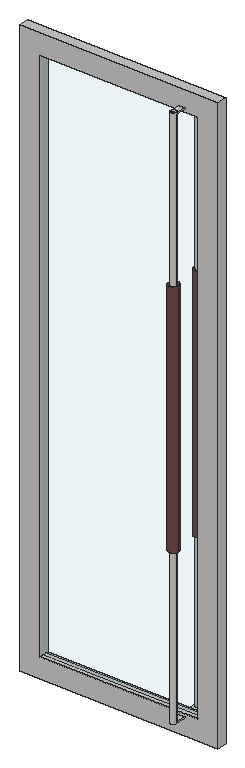
Revit family
Parameters
  프레임폭 = 100.00 mm
  프레임재질 = SSDW_1_스테인레스스틸
  프레임두께 = 50.00 mm
  유리재질 = Glass
  유리두께 = 17.00 mm
  Function = (empty or 0)
  Assembly Code = ""
Reference planes
  plane 1 "Center (Front/Back)": y = 0
  plane 2: z = 0
  plane 3 "Center (Left/Right)": x = -331.877
  plane 4: x = -831.877
  plane 5: x = 168.123
  plane 6 "Top": z = 2920
  plane 7: z = 1460
  plane 8: z = 2840
  plane 9: x = -11.877
  plane 10: z = 80
  plane 11 "AA": y = 80
  plane 12 "BB": y = -80
Forms (mm)
  Sweep 1, solid, material "SSDW_1_스테인레스스틸" <- "프레임재질"
    path origin (0, 0, 0) x (1, 0, 0) y (0, 0, 1)
      loop
        line (168.123, 2920) -> (-831.877, 2920) -> (-831.877, 0) -> (168.123, 0) -> (168.123, 2920)
    profile origin (-331.877, 0, 2920) x (0, 0, -1) y (0, -1, 0)
      loop
        line (0, -25) -> (100, -25) -> (100, 25) -> (0, 25) -> (0, -25)
  Extrusion 2, solid, material "Glass" <- "유리재질"
    sketch origin (0, 0, 0) x (1, 0, 0) y (0, 0, 1)
      loop
        line (68.123, 2820) -> (-731.877, 2820) -> (-731.877, 100) -> (68.123, 100) -> (68.123, 2820)
    from -8.5 to 8.5
  Revolve 3, solid, material "SSDW_1_스테인레스스틸" <- "프레임재질"
    sketch origin (0, 80, 0) x (1, 0, 0) y (0, 0, 1)
      loop
        line (-11.877, 2840) -> (-11.877, 80) -> (3.123, 80) -> (3.123, 2840) -> (-11.877, 2840)
      axis (-11.877, 2840) -> (-11.877, 80)
    angle from 0 to 360
  Extrusion 4, solid, material "SSDW_1_스테인레스스틸" <- "프레임재질"
    sketch origin (0, 80, 0) x (1, 0, 0) y (0, 0, 1)
      loop
        line (3.123, 2840) -> (-26.877, 2840) -> (-26.877, 2835) -> (3.123, 2835) -> (3.123, 2840)
      loop
        line (3.123, 80) -> (3.123, 85) -> (-26.877, 85) -> (-26.877, 80) -> (3.123, 80)
    from 0 to 80
  Revolve 5, solid, material "WOOD_HANDLE"
    sketch origin (0, 80, 0) x (1, 0, 0) y (0, 0, 1)
      loop
        line (-11.877, 2060) -> (-11.877, 860) -> (13.123, 860) -> (13.123, 2060) -> (-11.877, 2060)
      axis (-11.877, 2060) -> (-11.877, 860)
    angle from 0 to 360
  Revolve 6, solid, material "SSDW_1_스테인레스스틸" <- "프레임재질", not visible
    sketch origin (0, 80, 0) x (1, 0, 0) y (0, 0, 1)
      loop
        line (-11.877, 2520) -> (-11.877, 80) -> (3.123, 80) -> (3.123, 2520) -> (-11.877, 2520)
      axis (-11.877, 2520) -> (-11.877, 80)
    angle from 0 to 360
  Extrusion 7, solid, material "SSDW_1_스테인레스스틸" <- "프레임재질", not visible
    sketch origin (0, 80, 0) x (1, 0, 0) y (0, 0, 1)
      loop
        line (3.123, 2520) -> (-26.877, 2520) -> (-26.877, 2515) -> (3.123, 2515) -> (3.123, 2520)
      loop
        line (3.123, 80) -> (3.123, 85) -> (-26.877, 85) -> (-26.877, 80) -> (3.123, 80)
    from 0 to 80
  Revolve 8, solid, material "WOOD_HANDLE", not visible
    sketch origin (0, 80, 0) x (1, 0, 0) y (0, 0, 1)
      loop
        line (-11.877, 1900) -> (-11.877, 700) -> (13.123, 700) -> (13.123, 1900) -> (-11.877, 1900)
      axis (-11.877, 1900) -> (-11.877, 700)
    angle from 0 to 360
  Extrusion 9, solid, material "SSDW_1_스테인레스스틸" <- "프레임재질"
    sketch origin (0, -80, 0) x (1, 0, 0) y (0, 0, -1)
      loop
        line (3.123, -2840) -> (3.123, -2835) -> (-26.877, -2835) -> (-26.877, -2840) -> (3.123, -2840)
      loop
        line (3.123, -80) -> (-26.877, -80) -> (-26.877, -85) -> (3.123, -85) -> (3.123, -80)
    from 0 to 80
  Revolve 10, solid, material "SSDW_1_스테인레스스틸" <- "프레임재질"
    sketch origin (0, -80, 0) x (1, 0, 0) y (0, 0, 1)
      loop
        line (-11.877, 2840) -> (-11.877, 80) -> (3.123, 80) -> (3.123, 2840) -> (-11.877, 2840)
      axis (-11.877, 2840) -> (-11.877, 80)
    angle from 0 to 360
  Revolve 11, solid, material "WOOD_HANDLE"
    sketch origin (0, -80, 0) x (1, 0, 0) y (0, 0, 1)
      loop
        line (-11.877, 2060) -> (-11.877, 860) -> (13.123, 860) -> (13.123, 2060) -> (-11.877, 2060)
      axis (-11.877, 2060) -> (-11.877, 860)
    angle from 0 to 360
Cuts and joins
  joined: Revolve 3, Extrusion 4
Lines and regions (mm)
  symbolic lines
    curve 1: line (168.123, 80, 2920) -> (-831.877, 80, 1460)
    curve 2: line (-831.877, 80, 1460) -> (168.123, 80, 0)
  symbolic lines, style "DoorsPanelProjection"
    curve 3: line (-831.877, 0, 0) -> (-796.877, 0, 0)
    curve 4: line (-831.877, 1000, 0) -> (-831.877, 0, 0)
    curve 5: line (-796.877, 1000, 0) -> (-831.877, 1000, 0)
    curve 6: line (-796.877, 0, 0) -> (-796.877, 1000, 0)
    curve 7: line (-831.877, -1000, 0) -> (-831.877, 0, 0)
    curve 8: line (-796.877, -1000, 0) -> (-831.877, -1000, 0)
    curve 9: line (-796.877, 0, 0) -> (-796.877, -1000, 0)
    curve 10: arc (168.123, 0, 0) -> (-124.77, 707.107, 0) -> (-831.877, 1000, 0) r 1000
    curve 11: arc (168.123, 0, 0) -> (-124.77, -707.107, 0) -> (-831.877, -1000, 0) r 1000
Text (mm)
  text "Exterior" at (-1161.5, 797.241, 0), in view "Ref. Level"
Dimensions and locks
  equal spacing: plane 4, plane 3 "Center (Left/Right)", plane 5
  "프레임폭": Sweep 1 sketch curve to plane 6 "Top"
  equal spacing: Sweep 1 sketch curve, profile plane, Sweep 1 sketch curve
  "프레임두께": Sweep 1 sketch curve to Sweep 1 sketch curve
  equal spacing: Extrusion 2, plane 1 "Center (Front/Back)", Extrusion 2
  "유리두께": Extrusion 2 to Extrusion 2
  equal spacing: plane 2, plane 7, plane 6 "Top"
  locked: plane 10 to Sweep 1 at 20
  locked: plane 1 "Center (Front/Back)" to plane 11 "AA" at 80
  locked: plane 9 to plane 5 at 180
  locked: plane 8 to plane 6 "Top" at 80
  locked: plane 2 to plane 10 at 80
  locked: plane 1 "Center (Front/Back)" to plane 12 "BB" at 80
  locked: plane 7 to Revolve 5 sketch curve at 600
  locked: Revolve 5 sketch curve to plane 7 at 600
  locked: Revolve 5 to plane 7 at 600
  locked: plane 7 to Revolve 5 at 600  (x2)
  locked: plane 7 to Revolve 11 sketch curve at 600
  aligned and locked: plane 5 to Sweep 1 sketch curve
  aligned and locked: Sweep 1 sketch curve to plane 6 "Top"
  aligned and locked: plane 2 to Sweep 1 sketch curve
  aligned and locked: plane 4 to Sweep 1 sketch curve
  aligned and locked: plane 6 "Top" to Sweep 1 sketch curve
  aligned and locked: Extrusion 2 sketch curve to Sweep 1  (x3)
  aligned and locked: Sweep 1 to Extrusion 2 sketch curve
  aligned and locked: Extrusion 4 sketch curve to Revolve 3
  aligned and locked: plane 1 "Center (Front/Back)" to Extrusion 4
  aligned and locked: Extrusion 4 to plane 1 "Center (Front/Back)"
  aligned and locked: Extrusion 7 sketch curve to Revolve 6
  aligned and locked: Extrusion 9 to plane 12 "BB"
  aligned and locked: Extrusion 9 to plane 1 "Center (Front/Back)"
  aligned and locked: plane 8 to Extrusion 9
  aligned and locked: plane 10 to Extrusion 9
Automatic sketch dimensions
  Revolve 8 sketch curve to Revolve 8 sketch curve = 260.00 mm
  Revolve 6 sketch curve to Revolve 6 sketch curve = 0.00 mm  (x3)
  Revolve 6 sketch curve to Revolve 6 sketch curve = 15.00 mm
  Revolve 6 sketch curve to Revolve 6 sketch curve = 2440.00 mm
  Extrusion 7 sketch curve to Extrusion 7 sketch curve = 0.00 mm
  Extrusion 7 sketch curve to Extrusion 7 sketch curve = 30.00 mm  (x2)
  Extrusion 7 sketch curve to Extrusion 7 sketch curve = 5.00 mm  (x2)
  Extrusion 7 sketch curve to Extrusion 7 sketch curve = 2430.00 mm
  Revolve 8 sketch curve to Revolve 8 sketch curve = 0.00 mm
  Revolve 8 sketch curve to Revolve 8 sketch curve = 25.00 mm
  Revolve 8 sketch curve to Revolve 8 sketch curve = 340.00 mm
  Revolve 8 sketch curve to Revolve 8 sketch curve = 1200.00 mm
  Revolve 3 sketch curve to plane 8 = 0.00 mm  (x2)
  Revolve 3 sketch curve to plane 9 = 0.00 mm  (x2)
  Revolve 3 sketch curve to plane 10 = 0.00 mm  (x2)
  Revolve 3 sketch curve to plane 9 = 15.00 mm
  Extrusion 4 sketch curve to plane 8 = 0.00 mm
  Extrusion 4 sketch curve to plane 10 = 5.00 mm
  plane 9 to Extrusion 4 sketch curve = 15.00 mm  (x2)
  Extrusion 4 sketch curve to plane 9 = 15.00 mm  (x2)
  Extrusion 4 sketch curve to plane 8 = 5.00 mm
  Revolve 5 sketch curve to plane 9 = 0.00 mm  (x2)
  Revolve 5 sketch curve to plane 9 = 25.00 mm
  Revolve 5 sketch curve to plane 10 = 280.00 mm
  Revolve 5 sketch curve to Revolve 5 sketch curve = 100.00 mm
  curve 1 to plane 4 = 0.00 mm
  curve 2 to level = 0.00 mm
  curve 2 to plane 5 = 0.00 mm
  curve 1 to plane 5 = 0.00 mm
  curve 2 to plane 7 = 0.00 mm
  curve 1 to plane 6 "Top" = 0.00 mm
  curve 10 to curve 11 = 0.00 mm  (x2)
  curve 3 to plane 1 "Center (Front/Back)" = 0.00 mm
  curve 3 to plane 4 = 0.00 mm
  curve 10 to plane 1 "Center (Front/Back)" = 0.00 mm
  curve 10 to plane 5 = 0.00 mm
  curve 10 to curve 6 = 35.00 mm
  Extrusion 9 sketch curve to plane 8 = 0.00 mm
  Extrusion 9 sketch curve to plane 10 = 0.00 mm
  Extrusion 9 sketch curve to plane 10 = 5.00 mm
  plane 9 to Extrusion 9 sketch curve = 15.00 mm  (x2)
  Extrusion 9 sketch curve to plane 9 = 15.00 mm  (x2)
  Extrusion 9 sketch curve to plane 8 = 5.00 mm
  Revolve 10 sketch curve to plane 8 = 0.00 mm  (x2)
  Revolve 10 sketch curve to plane 9 = 0.00 mm  (x2)
  Revolve 10 sketch curve to plane 10 = 0.00 mm  (x2)
  plane 9 to Revolve 10 sketch curve = 15.00 mm
  Revolve 11 sketch curve to plane 9 = 0.00 mm  (x2)
  plane 9 to Revolve 11 sketch curve = 25.00 mm
  plane 10 to Revolve 11 sketch curve = 280.00 mm
  Revolve 11 sketch curve to plane 7 = 600.00 mm
  Revolve 11 sketch curve to Revolve 11 sketch curve = 260.00 mm
